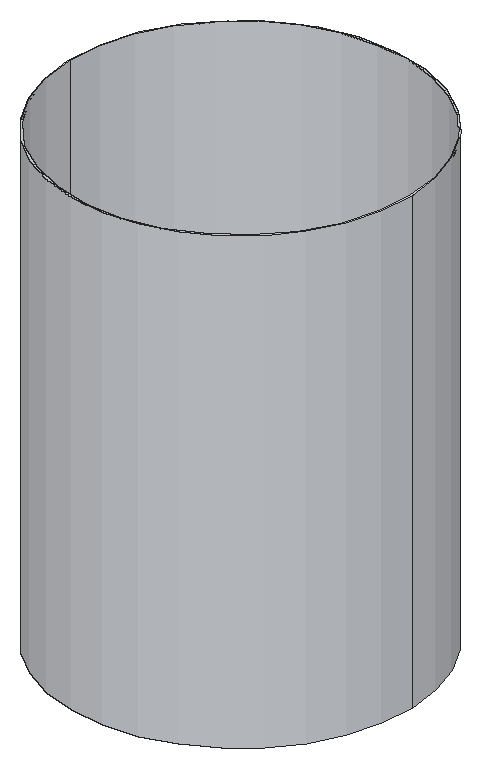
Revit family "LoadingAI_Opening_Vertical_Circle", category Generic Models, Revit 2027
Family settings
  Can host rebar = No
  Round Connector Dimension = Use Diameter
  Part Type = Normal
  Work Plane-Based = No
  Always vertical = Yes
  Cut with Voids When Loaded = Yes
  Maintain Annotation Orientation = No
  Shared = No
  Room Calculation Point = No
Parameters (values of type "Circle")
  Width [instance] = Radius * 2  # 300 mm
  Radius - 1mm [instance] = Radius - 1 mm  # 149 mm
  Radius [instance] = 150 mm
  OP_WidthMm [instance] = ""
  OP_SourceId [instance] = ""
  OP_Shape [instance] = ""
  OP_Key [instance] = ""
  OP_HostLinked [instance] = ""
  OP_HostId [instance] = ""
  OP_HeightMm [instance] = ""
  OP_DepthMm [instance] = ""
  Model = ""
  Height [instance] = Radius * 2  # 300 mm
  Depth [instance] = 400 mm
  Default Elevation = 0 mm
Reference planes
  plane 1 "Center (Front/Back)": y = 0
  plane 2 "Bottom": z = 0
  plane 3 "Center (Left/Right)": x = 0
  plane 4 "Top": z = 400
  plane 5: x = 150
  plane 6: x = -150
  plane 7 "Back": y = 150
  plane 8 "Front": y = -150
Forms (mm)
  Extrusion 1, solid
    sketch origin (0, 0, -250) x (-1, 0, 0) y (0, -1, 0)
      loop
        circle (0, 0) r 150
      loop
        circle (0, 0) r 149
    from 650 to 250
  Extrusion 2, void
    sketch origin (0, 0, -250) x (-1, 0, 0) y (0, -1, 0)
      loop
        circle (0, 0) r 150
    from 650 to 250
Lines and regions (mm)
  model lines
    curve 1: line (-150, 150, 0) -> (150, -150, 0)
    curve 2: line (150, 150, 0) -> (-150, -150, 0)
    curve 3: line (150, 150, 400) -> (-150, -150, 400)
    curve 4: line (-150, 150, 400) -> (150, -150, 400)
Dimensions and locks
  equal spacing: plane 8 "Front", plane 1 "Center (Front/Back)", plane 7 "Back"
  equal spacing: plane 6, plane 3 "Center (Left/Right)", plane 5
  "Depth": plane 4 "Top" to plane 2 "Bottom"
  "Width": plane 6 to plane 5
  "Height": plane 8 "Front" to plane 7 "Back"
  "Radius": radius of Extrusion 1 sketch curve
  "Radius - 1mm": radius of Extrusion 1 sketch curve
  "Radius": radius of Extrusion 2 sketch curve
  aligned and locked: level to plane 2 "Bottom"
  aligned and locked: plane 4 "Top" to Extrusion 1
  aligned and locked: Extrusion 1 to plane 2 "Bottom"
  aligned and locked: plane 2 "Bottom" to Extrusion 2
  aligned and locked: plane 4 "Top" to Extrusion 2
  aligned and locked: plane 8 "Front" to curve 2
  aligned and locked: plane 5 to curve 1
  aligned and locked: plane 6 to curve 1
  aligned and locked: plane 5 to curve 3
  aligned and locked: plane 6 to curve 3
  aligned and locked: plane 7 "Back" to curve 4
  aligned and locked: plane 5 to curve 4
Automatic sketch dimensions
  plane 7 "Back" to curve 3 = 0 mm
  curve 3 to plane 8 "Front" = 0 mm
  curve 4 to plane 6 = 0 mm
  curve 4 to plane 8 "Front" = 0 mm
  curve 2 to plane 6 = 0 mm
  curve 2 to plane 5 = 0 mm
  plane 7 "Back" to curve 2 = 0 mm
  curve 1 to plane 8 "Front" = 0 mm
  plane 7 "Back" to curve 1 = 0 mm
  Extrusion 1 sketch curve to Extrusion 1 sketch curve = 0 mm  (x2)
  plane 1 "Center (Front/Back)" to Extrusion 1 sketch curve = 0 mm
  Extrusion 1 sketch curve to plane 3 "Center (Left/Right)" = 0 mm
  plane 1 "Center (Front/Back)" to Extrusion 2 sketch curve = 0 mm
  Extrusion 2 sketch curve to plane 3 "Center (Left/Right)" = 0 mm
